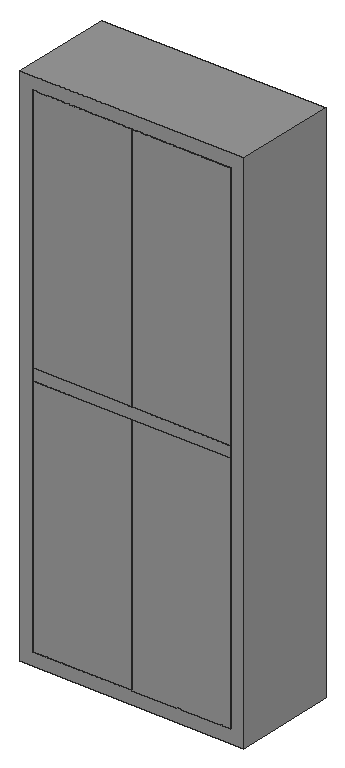
Revit family "АВЛН_Шкафы", category Мебель, Revit 2019
Family settings
  Номер OmniClass = 23.40.20.00
  Заголовок OmniClass = General Furniture and Specialties
  На основе рабочей плоскости = Нет
  Всегда вертикально = Да
  При загрузке вырезать с полостями = Нет
  Общий = Нет
  Точка расчета площади = Нет
Parameters (values of type "Шкаф медицинский металлически")
  шкаф = Сталь, гальванизированная
  Холодильник = no
  Описание = "Шкаф медицинский металлический;\r\nгаб.320х700х1655мм, Двери (материал): верх-стекло,\r\nниз-металл (с замком)"
  Type Comments = ""
  Keynote = ""
  Изготовитель = "\"Первая Детская\r\nКомпания\" Москва"
  Группа модели = "Оборудование мед.блока"  # constant formula
  Высота низ = 800 mm
  ADSK_Размер_Ширина = 320 mm
  ADSK_Размер_Длина = 700 mm
  ADSK_Размер_Высота = 1655 mm
  ADSK_Обозначение = "СК-647.02"
  ADSK_Масса = 0
  ADSK_Код изделия = ""
  ADSK_Единица измерения = "шт"  # constant formula
Types (3, lengths in mm): name | Холодильник | Описание | Изготовитель | Высота низ | ADSK_Размер_Ширина | ADSK_Размер_Длина | ADSK_Размер_Высота | ADSK_Обозначение
  (no name) | no | "Шкаф медицинский металлический;\r\nгаб.320х700х1655мм, Двери (материал): верх-стекло,\r\nниз-металл (с замком)" | "\"Первая Детская\r\nКомпания\" Москва" | 800 | 320 | 700 | 1655 | "СК-647.02"
  Шкаф медицинский металлически | no | "Шкаф медицинский металлический;\r\nгаб.320х700х1655мм, Двери (материал): верх-стекло,\r\nниз-металл (с замком)" | "\"Первая Детская\r\nКомпания\" Москва" | 800 | 320 | 700 | 1655 | "СК-647.02"
  Двухкамерный холодильник | yes | "Двухкамерный холодильник; Класс\r\nэнергопотребления – A, Э1Ф; 220В;0,12кВт\r\n60х63х1600(h)мм" | 0 | 400 | 630 | 600 | 1600 | "Атлант МХМ 2835-00"
Reference planes
  plane 1 "По центру (Вперед/Назад)": y = 0
  plane 2: z = 0
  plane 3 "По центру (Влево/Вправо)": x = 0
  plane 4: z = 1655
  plane 5: y = 160
  plane 6: x = 350
  plane 7: x = -350
  plane 8: y = -160
  plane 9: z = 800
Forms (mm)
  Sweep 1, solid, material "Сталь, гальванизированная" <- "шкаф"
    path origin (0, 0, 0) x (1, 0, 0) y (0, 0, 1)
      loop
        line (-350, 1655) -> (-350, 0) -> (350, 0) -> (350, 1655) -> (-350, 1655)
    profile origin (0, 0, 1655) x (0, 0, 1) y (0, -1, 0)
      loop
        line (0, 160) -> (-40, 160) -> (-40, -160) -> (0, -160) -> (0, 160)
  Extrusion 2, solid, material "Сталь, гальванизированная" <- "шкаф"
    sketch origin (0, -518.993, 592.976) x (-1, 0, 0) y (0, -1, 0)
      loop
        line (310, -678.993) -> (310, -673.993) -> (-310, -673.993) -> (-310, -678.993) -> (310, -678.993)
    from 967.024 to -552.976
  Extrusion 3, solid, material "Сталь, гальванизированная" <- "шкаф"
    sketch origin (0, 0, 0) x (1, 0, 0) y (0, 0, 1)
      loop
        line (-310, 800) -> (310, 800) -> (310, 835) -> (-310, 835) -> (-310, 800)
    from -155 to 160
  Extrusion 4, solid, material "Сталь, гальванизированная" <- "шкаф"
    sketch origin (0, 0, 0) x (1, 0, 0) y (0, 0, 1)
      loop
        line (-1, 835) -> (-1, 1615) -> (-310, 1615) -> (-310, 835) -> (-1, 835)
      loop
        line (310, 835) -> (310, 1615) -> (1, 1615) -> (1, 835) -> (310, 835)
    from 145.5 to 160
  Extrusion 5, solid, material "Сталь, гальванизированная" <- "шкаф"
    sketch origin (0, 0, -760) x (1, 0, 0) y (0, 0, 1)
      loop
        line (-1, 1560) -> (-310, 1560) -> (-310, 800) -> (-1, 800) -> (-1, 1560)
      loop
        line (310, 1560) -> (1, 1560) -> (1, 800) -> (310, 800) -> (310, 1560)
    from 145.5 to 160
Lines and regions (mm)
  symbolic lines, visible <- "Холодильник"
    curve 1: line (-350, 160, 592.976) -> (350, -160, 592.976)
    curve 2: line (-350, -163.095, 592.976) -> (350, 165, 592.976)
Dimensions and locks
  plane 2 to plane 4 = 1655 mm
  equal spacing: plane 8, plane 1 "По центру (Вперед/Назад)", plane 5
  equal spacing: plane 7, plane 3 "По центру (Влево/Вправо)", plane 6
  "ADSK_Размер_Длина": plane 7 to plane 6
  "ADSK_Размер_Ширина": plane 5 to plane 8
  "ADSK_Размер_Высота": plane 2 to plane 4
  locked: Sweep 1 sketch curve to plane 4 at 40
  locked: plane 5 to Extrusion 2 sketch curve at 5
  locked: Extrusion 3 sketch curve to plane 9 at 35
  locked: plane 3 "По центру (Влево/Вправо)" to Extrusion 4 sketch curve at 1
  locked: Extrusion 4 sketch curve to plane 3 "По центру (Влево/Вправо)" at 1
  locked: Extrusion 5 sketch curve to plane 3 "По центру (Влево/Вправо)" at 1
  locked: plane 3 "По центру (Влево/Вправо)" to Extrusion 5 sketch curve at 1
  locked: Extrusion 4 to plane 8 at 14.5
  "Высота низ": plane 9 to level
  aligned and locked: level to plane 2
  aligned and locked: plane 4 to Sweep 1 sketch curve
  aligned and locked: plane 7 to Sweep 1 sketch curve
  aligned and locked: level to Sweep 1 sketch curve
  aligned and locked: Sweep 1 sketch curve to plane 6
  aligned and locked: plane 5 to Sweep 1 sketch curve
  aligned and locked: Sweep 1 sketch curve to plane 4
  aligned and locked: Sweep 1 sketch curve to plane 8
  aligned and locked: Extrusion 2 sketch curve to Sweep 1  (x2)
  aligned and locked: Sweep 1 to Extrusion 2 sketch curve
  aligned and locked: Extrusion 3 sketch curve to plane 9
  aligned and locked: Extrusion 3 sketch curve to Sweep 1  (x2)
  aligned and locked: Extrusion 3 to Extrusion 2
  aligned and locked: Extrusion 3 to plane 8
  aligned and locked: Extrusion 5 to Sweep 1  (x4)
  aligned and locked: plane 9 to Extrusion 5  (x2)
  aligned and locked: Extrusion 4 to plane 8
  aligned and locked: Extrusion 5 to plane 8
  aligned and locked: Extrusion 4 to Extrusion 5
  aligned and locked: plane 5 to curve 1
  aligned and locked: curve 1 to plane 8
  aligned and locked: Extrusion 5 sketch curve to Sweep 1  (x3)
  aligned and locked: Sweep 1 to Extrusion 5 sketch curve
  aligned and locked: Extrusion 5 sketch curve to Extrusion 3  (x2)
  aligned and locked: Extrusion 5 to Extrusion 3  (x2)
  aligned and locked: Extrusion 4 sketch curve to Sweep 1  (x3)
  aligned and locked: Sweep 1 to Extrusion 4 sketch curve
  aligned and locked: Extrusion 4 sketch curve to Extrusion 3  (x2)
  aligned and locked: Sweep 1 to Extrusion 4
  aligned and locked: Sweep 1 to Extrusion 5
  aligned and locked: plane 6 to curve 2
  aligned and locked: curve 2 to Sweep 1
  aligned and locked: Sweep 1 to curve 1  (x2)
Automatic sketch dimensions
  plane 5 to curve 2 = 5 mm
  curve 2 to plane 8 = 3.095 mm
